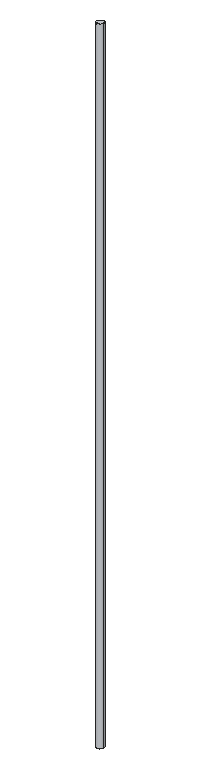
Revit family "0066759 Sylvania Lighting Fixture Skyline Street XL 17-30klm NW XR18 I 9022", category Lighting Fixtures, host Face, Revit 2016
Family settings
  Host = Face
  Part Type = Normal
  Round Connector Dimension = Use Diameter
  OmniClass Number = 23.80.70.00
  OmniClass Title = Lighting
  Cut with Voids When Loaded = No
  Light Source = Yes
  Shared = No
  Room Calculation Point = No
Parameters (values of type "0066759 SKS XL 17-30KLM NW XR18 I 9022 ")
  base height = 40 mm
  backplate diameter = 256 mm
  Weight = "n/a"
  Wattage Comments = ""
  Wattage = 9.2903 W
  WarrantyStartDate [instance] = "n/a"
  WarrantyGuarantorParts = "n/a"
  WarrantyDurationUnit = "n/a"
  WarrantyDurationParts = ""
  WarrantyDescription = "http://www.sylvania-lighting.com"
  built-in parameter 1150110 = 1 (stored number, unit not read)
  Voltage = 0 V
  URL = "0.98"
  TypeName = "Skyline Street XL 17-30klm NW XR18 I 9022"
  Type Image = <None>
  Type Comments = "n/a"
  Tube Diameter = 80 mm
  built-in parameter 1114217 = 1 (stored number, unit not read)
  Tilt Angle = 90.00°
  built-in parameter 1150109 = 1 (stored number, unit not read)
  built-in parameter 1150134 = 3
  built-in parameter 1150113 = 1 (stored number, unit not read)
  SerialNumber [instance] = "n/a"
  Photometric Web File = "0066759.ies"
  Material_3_FEILO = none
  PowerFactor = 0
  PowerConsumption = "Lighting"
  NominalLength = 415 mm
  NominalHeight = 0 mm
  NominalDepth = 0 mm
  Name = "Skyline Street XL 17-30klm NW XR18 I 9022"
  ModelReference = Name  # "Skyline Street XL 17-30klm NW XR18 I 9022"
  ModelNumber = "0066759"
  Model = Name  # "Skyline Street XL 17-30klm NW XR18 I 9022"
  Material = "Feilo Sylvania"
  ManufacturerName = "115 lm/W"
  Manufacturer = ""
  LuminousEfficacy = ""
  built-in parameter 1150105 = 109.82 (stored number, unit not read)
  Lumens = 1380 lm
  LuminaireType = "0"
  built-in parameter 1150115 = 1 (stored number, unit not read)
  LightOutputRatio = "LED"
  built-in parameter 1150137 = (empty or 0)
  built-in parameter 1150139 = (empty or 0)
  LampsType = Lamp  # "n/a"
  LampNominalLuminous = "4000 K"
  LampMacAdamStep = "70"
  LampColourTemperature = "LED"
  LampColourRenderingIndex = "16500"
  built-in parameter 1150112 = 1 (stored number, unit not read)
  built-in parameter 1150114 = 1 (stored number, unit not read)
  Lamp = "n/a"
  Keynote = "n/a"
  InstallationDate [instance] = "n/a"
  InputVoltage = "0"
  InputNominalFrequency = "4000"
  built-in parameter 1150132 = (empty or 0)
  built-in parameter 1150102 = (empty or 0)
  built-in parameter 1150107 = 3200 (stored number, unit not read)
  built-in parameter 1150138 = (empty or 0)
  IngressProtection = "IfcLightFixtureType"
  ImpactProtectionIndex = "IfcLightFixtureType"
  built-in parameter 1150106 = 1.0982 (stored number, unit not read)
  IfcExportType = "IfcLightFixtureType"
  IfcExportAs = "Class I"
  Height = 250 mm
  ExpectedLife = 50000
  Emit from Circle Diameter = 609.6 mm
  Emit Shape Visible in Rendering = no
  ElectricShockClassification = "115"
  built-in parameter 1150104 = 13.8 (stored number, unit not read)
  DurationUnit = "hours"
  DocumentationLiterature = "http://www.sylvania-lighting.com/product/en-int/products/0066759"
  DimmingControlOptions = "n/a"
  Material_2_FEILO = none
  Dimming Lamp Color Temperature Shift = <None>
  Diameter = 350 mm
  Description = "The Skyline Street family is dedicated for road lighting applications. Light distribution: XR18 - Extra Wide Road, color temperature: 4000K , total system power: 244W, total fixture output: 28134lm, luminaire efficacy: 115lm/W, LOR: 100%, colour rendering index: 70, LED Chromaticity: 5 step MacAdam ellipse tolerance, lifetime: 100000 hours at L90B50 @ 50°C, energy class: A++, A+, A, operating voltage: 220-240V / 50-60Hz, electronic driver, Without Controls, power factor: min. 0.9, electrical protection: Class I, Ingress protection rating: IP66, Impact resistance: IK08, dimensions: 915 x 415 x 140mm, weight: 15 kg, for 42-60mm side entry or post top installation with +/-15° adjustability, the housing is made of Die Cast Aluminium in RAL9022 color combined with tempered flat glass cover."
  Default Elevation = 1219.2 mm
  CreatedOn = "02/12/2019"
  CreatedBy = "@sylvania-lighting.com"
  Cost = 0
  Color Filter = 16777215
  built-in parameter 1114216 [instance] = (empty or 0)
  ClassificationValue = "EF_70_80"
  ClassificationName = "Uniclass2015"
  Material_1_FEILO = none
  BarCode [instance] = "n/a"
  built-in parameter 1114218 = 1 (stored number, unit not read)
  built-in parameter 1150133 = 10 (stored number, unit not read)
  AssetType = "Fixed"
  AssetIdentifier [instance] = "n/a"
  Assembly Code = "D5020200"
  Apparent Load = 244 VA
  Material_4_FEILO = none
Reference planes
  plane 1 "Center (Front/Back)": y = 0
  plane 2: z = 0
  plane 3 "Center (Left/Right)": x = 0
  plane 4: z = 0
  plane 5: y = 128
  plane 6: y = -128
  plane 7: y = 175
  plane 8: y = -175
  plane 9: z = 40
Forms (mm)
  Extrusion 1, solid, detail levels coarse
    sketch origin (43.618, 0, 5999.295) x (1, 0, 0) y (0, 0, 1)
      loop
        line (-755, 240.919) -> (-755, 0.868) -> (39.922, 0.868) -> (39.922, 240.919) -> (-755, 240.919)
    from -207.534 to 207.466
  Extrusion 2, solid
    sketch origin (4.2, 0, 0) x (1, 0, 0) y (0, 1, 0)
      loop
        circle (-4.2, 0) r 30
    from 0 to 6000
Dimensions and locks
  "backplate diameter": plane 5 to plane 6
  equal spacing: plane 5, plane 1 "Center (Front/Back)", plane 6
  "Diameter": plane 7 to plane 8
  equal spacing: plane 7, plane 1 "Center (Front/Back)", plane 8
  "base height": plane 9 to level
  aligned and locked: plane 2 to host face
  aligned and locked: level to host face
Automatic sketch dimensions
  host sketch curve to host sketch curve = 2438.4 mm  (x2)
  level to Extrusion 1 sketch curve = 6000.163 mm
  Extrusion 1 sketch curve to plane 3 "Center (Left/Right)" = 711.382 mm
  plane 3 "Center (Left/Right)" to Extrusion 1 sketch curve = 83.54 mm
  plane 9 to Extrusion 1 sketch curve = 6200.213 mm
  plane 1 "Center (Front/Back)" to Extrusion 2 sketch curve = 0 mm
  Extrusion 2 sketch curve to plane 3 "Center (Left/Right)" = 0 mm
  radius of Extrusion 2 sketch curve = 30 mm
Connectors
  electrical at (0, 0, 0), driven by "Apparent Load", driven by "PowerFactor", driven by "Voltage"
    settings: index 1, voltage 0 V, apparent load 244 VA, apparent load phase1 0 VA, apparent load phase2 0 VA, apparent load phase3 0 VA, power factor 0, load classification "Lighting", number of poles 1, system type 30, power factor state 1, is connector primary yes, connector utility no, sub classification motor no, connector description ""
